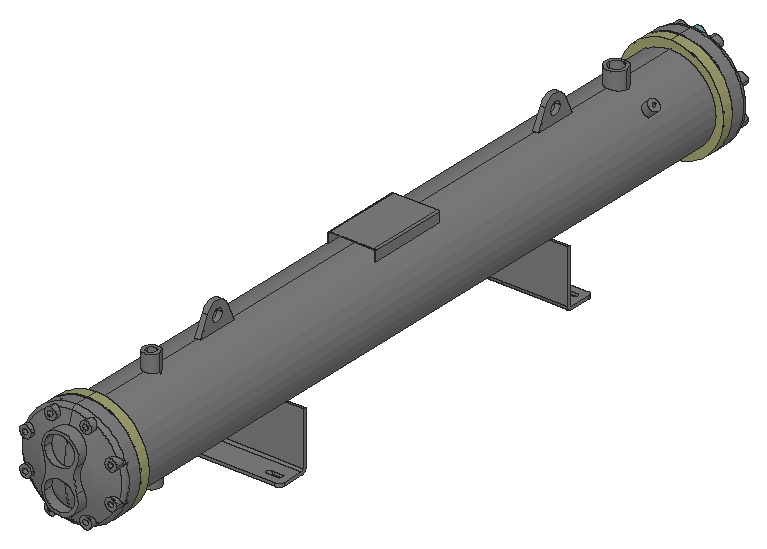
Revit family "MIT-BCM_130_4P", category Specialty Equipment, Revit 2022
Family settings
  Round Connector Dimension = Use Radius
  Part Type = Normal
  Work Plane-Based = No
  Always vertical = Yes
  Cut with Voids When Loaded = No
  Maintain Annotation Orientation = No
  Shared = No
  Room Calculation Point = No
Parameters
  URL = "https://en.ekinendustriyel.com/evaporators-and-condensers"
  Test Pressure = 64.35 bar
  Production Standard = "TS EN 13831"
  Operating Pressure = 45.0 bar
  Model = "MIT-BCM 130_4P"
  Manufacturer = "Ekin Endüstriyel"
  Keynote = "Condensers"
  Description = "MIT- Condensers"
  Default Elevation = 0 mm
Reference planes
  plane 1 "Center (Front/Back)": y = 0
  plane 2: z = 0
  plane 3 "Center (Left/Right)": x = 0
Forms (mm)
  Extrusion 1, solid, material "Ekin Endustriyel-S235JR"
    sketch origin (0, 0, 0) x (1, 0, 0) y (0, 0, 1)
      loop
        circle (0, 164.15) r 84.15
    from -677.708 to 682.368
  Extrusion 2, solid, material "Ekin Endustriyel-S235JR", detail levels fine
    sketch origin (0, 0, 0) x (1, 0, 0) y (0, 0, 1)
      loop
        line (-45, 235.88) -> (-44, 235.88) -> (-44, 252.88)
        arc (-44, 252.88) -> (-43.414, 254.294) -> (-42, 254.88) r 2
        line (-42, 254.88) -> (42, 254.88)
        arc (42, 254.88) -> (43.414, 254.294) -> (44, 252.88) r 2
        line (44, 252.88) -> (44, 235.88) -> (45, 235.88) -> (45, 252.88)
        arc (45, 252.88) -> (44.121, 255.002) -> (42, 255.88) r 3
        line (42, 255.88) -> (-42, 255.88)
        arc (-42, 255.88) -> (-44.121, 255.002) -> (-45, 252.88) r 3
        line (-45, 252.88) -> (-45, 235.88)
    from -72.707 to 77.293
  Extrusion 3, solid, material "Ekin Endustriyel-S235JR", detail levels fine
    sketch origin (0, 297.897, 0) x (1, 0, 0) y (0, 1, 0)
      loop
        circle (0.015, 249.81) r 20.25
      loop
        circle (0.015, 249.81) r 14.491
    from 278.3 to 204.31
  Extrusion 4, solid, material "Ekin Endustriyel-S235JR", detail levels fine
    sketch origin (0, -301.958, 0) x (1, 0, 0) y (0, 1, 0)
      loop
        circle (0.015, -250.334) r 15.25
      loop
        circle (0.015, -250.334) r 8.928
    from 278.3 to 211.07
  Extrusion 5, solid, material "Ekin Endustriyel-S235JR", detail levels fine
    sketch origin (71.72, 547.563, 235.87) x (0, 1, 0) y (-0.707107, 0, 0.707107)
      loop
        circle (0, 0) r 11
      loop
        circle (0, 0) r 4.216
    from 0 to -32.02
  Extrusion 6, solid, material "Ekin Endustriyel-S235JR", detail levels fine
    sketch origin (0, -302.583, 0) x (1, 0, 0) y (0, 1, 0)
      loop
        circle (0.015, -249.709) r 16.75
      loop
        circle (0.015, -249.709) r 13.335
    from 51.131 to 169.15
  Extrusion 7, solid, material "Ekin Endustriyel-AISI316L", detail levels medium+fine
    sketch origin (0, -352.034, 0) x (1, 0, 0) y (0, 0, 1)
      loop
        circle (0, 164.15) r 100
    from 330.334 to 350.334
  Extrusion 8, solid, material "Ekin Endustriyel-AISI316L", detail levels medium+fine
    sketch origin (0, 978.042, 0) x (1, 0, 0) y (0, 0, 1)
      loop
        circle (0, 164.15) r 100
    from 280.334 to 300.334
  Revolve 9, solid, material "Ekin Endustriyel-S235JR", detail levels medium+fine
    sketch origin (0, -352.034, 0) x (0, 1, 0) y (0, 0, 1)
      loop
        line (-352.334, 264.15) -> (-377.299, 264.15)
        arc (-377.299, 264.15) -> (-382.802, 262.5) -> (-386.489, 258.094) r 10
        arc (-386.489, 258.094) -> (-401.262, 212.101) -> (-407.122, 164.15) r 255.705
        line (-407.122, 164.15) -> (-352.334, 164.15) -> (-352.334, 264.15)
      axis (-352.334, 164.15) -> (-407.122, 164.15)
    angle from 0 to 360
  Revolve 10, solid, material "Ekin Endustriyel-S235JR", detail levels medium+fine
    sketch origin (0, 347.373, 0) x (0, -1, 0) y (0, 0, -1)
      loop
        line (-352.334, -264.15) -> (-352.334, -164.15) -> (-407.122, -164.15)
        arc (-407.122, -164.15) -> (-401.262, -212.101) -> (-386.489, -258.094) r 255.705
        arc (-386.489, -258.094) -> (-382.802, -262.5) -> (-377.299, -264.15) r 10
        line (-377.299, -264.15) -> (-352.334, -264.15)
      axis (-352.334, -164.15) -> (-407.122, -164.15)
    angle from 0 to 360
  Extrusion 11, solid, material "Ekin Endustriyel-S235JR", detail levels coarse
    sketch origin (0, 0, 0) x (1, 0, 0) y (0, 0, 1)
      loop
        circle (0, 164.159) r 99.991
    from -754.707 to 769.293
  Extrusion 12, solid, material "Ekin Endustriyel-S235JR"
    sketch origin (0, 173.042, 0) x (0, 1, 0) y (0, 0, 1)
      loop
        arc (134.666, 9) -> (137.302, 2.636) -> (143.666, 0) r 9
        line (143.666, 0) -> (194.666, 0) -> (194.666, 5) -> (143.666, 5)
        arc (143.666, 5) -> (140.837, 6.172) -> (139.666, 9) r 4
        line (139.666, 9) -> (139.666, 110) -> (134.666, 110) -> (134.666, 9)
    from -100 to 100
  Extrusion 13, void
    sketch origin (0, 367.707, 5) x (0, -1, 0) y (1, 0, 0)
      loop
        line (25.25, 63.5) -> (25.25, 83.5)
        arc (25.25, 83.5) -> (20, 88.75) -> (14.75, 83.5) r 5.25
        line (14.75, 83.5) -> (14.75, 63.5)
        arc (14.75, 63.5) -> (20, 58.25) -> (25.25, 63.5) r 5.25
      loop
        line (10, 100) -> (-10, 100) -> (-10, -100) -> (10, -100)
        arc (10, -100) -> (2.929, -97.071) -> (0, -90) r 10
        line (0, -90) -> (0, 90)
        arc (0, 90) -> (2.929, 97.071) -> (10, 100) r 10
      loop
        arc (14.75, -83.5) -> (20, -88.75) -> (25.25, -83.5) r 5.25
        line (25.25, -83.5) -> (25.25, -63.5)
        arc (25.25, -63.5) -> (20, -58.25) -> (14.75, -63.5) r 5.25
        line (14.75, -63.5) -> (14.75, -83.5)
    from -5 to 0
  Extrusion 14, solid, material "Ekin Endustriyel-S235JR"
    sketch origin (0, -177.627, 0) x (0, -1, 0) y (0, 0, -1)
      loop
        line (134.666, -9) -> (134.666, -110) -> (139.666, -110) -> (139.666, -9)
        arc (139.666, -9) -> (140.837, -6.172) -> (143.666, -5) r 4
        line (143.666, -5) -> (194.666, -5) -> (194.666, 0) -> (143.666, 0)
        arc (143.666, 0) -> (137.302, -2.636) -> (134.666, -9) r 9
    from -100 to 100
  Extrusion 15, void
    sketch origin (0, -372.293, 5) x (0, 1, 0) y (-1, 0, 0)
      loop
        arc (25.25, -63.5) -> (20, -58.25) -> (14.75, -63.5) r 5.25
        line (14.75, -63.5) -> (14.75, -83.5)
        arc (14.75, -83.5) -> (20, -88.75) -> (25.25, -83.5) r 5.25
        line (25.25, -83.5) -> (25.25, -63.5)
      loop
        arc (10, -100) -> (2.929, -97.071) -> (0, -90) r 10
        line (0, -90) -> (0, 90)
        arc (0, 90) -> (2.929, 97.071) -> (10, 100) r 10
        line (10, 100) -> (-10, 100) -> (-10, -100) -> (10, -100)
      loop
        line (14.75, 83.5) -> (14.75, 63.5)
        arc (14.75, 63.5) -> (20, 58.25) -> (25.25, 63.5) r 5.25
        line (25.25, 63.5) -> (25.25, 83.5)
        arc (25.25, 83.5) -> (20, 88.75) -> (14.75, 83.5) r 5.25
    from -5 to 0
  Extrusion 16, solid, material "Ekin Endustriyel-S235JR", detail levels medium+fine
    sketch origin (40, -352.034, 0) x (1, 0, 0) y (0, 0, 1)
      loop
        circle (-39.985, 201.65) r 28.5
      loop
        circle (-39.985, 126.65) r 28.5
      loop
        arc (-8.128, 185.875) -> (-37.187, 236.112) -> (-70.839, 188.829) r 34.5
        arc (-70.839, 188.829) -> (-65.102, 164.15) -> (-70.839, 139.471) r 55.945
        arc (-70.839, 139.471) -> (-38.81, 92.15) -> (-6.781, 139.471) r 34.5
        arc (-6.781, 139.471) -> (-12.495, 162.527) -> (-8.128, 185.875) r 55.945
    from 390.526 to 417.259
  Extrusion 17, solid, material "Ekin Endustriyel-Zinc", detail levels medium+fine
    sketch origin (0, 348.042, 0) x (1, 0, 0) y (0, 0, 1)
      loop
        circle (0, 246.649) r 12.497
      loop
        circle (0, 246.649) r 5.497
    from -396.666 to -367.889
  Extrusion 18, solid, material "Ekin Endustriyel-S235JR", detail levels medium+fine
    sketch origin (0, -352.034, 0) x (1, 0, 0) y (0, 0, -1)
      loop
        circle (-80.837, -197.64) r 11
      loop
        circle (-80.837, -197.64) r 5.497
      loop
        circle (-80.837, -130.66) r 11
      loop
        circle (-80.837, -130.66) r 5.497
      loop
        circle (80.837, -197.64) r 11
      loop
        circle (80.837, -197.64) r 5.497
      loop
        circle (80.837, -130.66) r 11
      loop
        circle (80.837, -130.66) r 5.497
      loop
        circle (33.49, -244.987) r 11
      loop
        circle (33.49, -244.987) r 5.497
      loop
        circle (-33.49, -244.987) r 11
      loop
        circle (-33.49, -244.987) r 5.497
      loop
        circle (33.49, -83.313) r 11
      loop
        circle (33.49, -83.313) r 5.497
      loop
        circle (-33.49, -83.313) r 11
      loop
        circle (-33.49, -83.313) r 5.497
    from -396.666 to -367.889
  Extrusion 19, solid, material "Ekin Endustriyel-S235JR", detail levels medium+fine
    sketch origin (0, 348.042, 0) x (1, 0, 0) y (0, 0, 1)
      loop
        circle (-35.355, 199.505) r 22
      loop
        circle (35.355, 128.795) r 22
    from -406.666 to -351.666
  Extrusion 20, solid, material "Ekin Endustriyel-S235JR", detail levels fine
    sketch origin (0, -0.334, 0) x (0, -1, 0) y (0, 0, -1)
      loop
        line (-438.042, -248.151) -> (-420.514, -284.106)
        arc (-420.514, -284.106) -> (-398.042, -298.151) -> (-375.57, -284.106) r 25
        line (-375.57, -284.106) -> (-358.042, -248.151) -> (-438.042, -248.151)
      loop
        circle (-398.042, -273.151) r 12.5
      loop
        line (441.958, -248.151) -> (361.958, -248.151) -> (379.486, -284.106)
        arc (379.486, -284.106) -> (401.958, -298.151) -> (424.43, -284.106) r 25
        line (424.43, -284.106) -> (441.958, -248.151)
      loop
        circle (401.958, -273.151) r 12.5
    from -5 to 5
  Extrusion 21, solid, material "Ekin Endustriyel-S235JR", detail levels medium+fine
    sketch origin (0, 348.042, 0) x (1, 0, 0) y (0, 0, 1)
      loop
        circle (-80.837, 197.64) r 11
      loop
        circle (-80.837, 197.64) r 5.497
      loop
        circle (-80.837, 130.66) r 11
      loop
        circle (-80.837, 130.66) r 5.497
      loop
        circle (80.837, 197.64) r 11
      loop
        circle (80.837, 197.64) r 5.497
      loop
        circle (80.837, 130.66) r 11
      loop
        circle (80.837, 130.66) r 5.497
      loop
        circle (33.49, 244.987) r 11
      loop
        circle (33.49, 244.987) r 5.497
      loop
        circle (-33.49, 244.987) r 11
      loop
        circle (-33.49, 244.987) r 5.497
      loop
        circle (33.49, 83.313) r 11
      loop
        circle (33.49, 83.313) r 5.497
      loop
        circle (-33.49, 83.313) r 11
      loop
        circle (-33.49, 83.313) r 5.497
      loop
        circle (0, 81.651) r 12.497
      loop
        circle (0, 81.651) r 5.497
    from -396.666 to -367.889
Cuts and joins
  Extrusion 13, Extrusion 15 cuts Extrusion 12
  Extrusion 15 cuts Extrusion 14
  joined: Extrusion 1, Extrusion 12, Extrusion 14
Dimensions and locks
  aligned and locked: level to plane 2
Connectors
  piping at (0.015, -769.293, 201.65), diameter 50.8
    settings: on Extrusion 16, index 1, connector inside diameter 609.6 mm, connector length 0 mm, flow factor 0, pipe flow 0.0 L/s, pressure drop 0.0 Pa, fitting loss kfactor 0, connector angle 0.00°, fixture units 0, engagement length 0 mm, angle of deflection 0.00°, flow configuration 0, flow direction 1, fitting loss method 0, system type 7, joint type 0, gender type 0, connector reference index -1, connector utility 0, adjustable connector no, is connector primary yes, connector description ""
  piping at (0.015, -769.293, 126.65), diameter 50.8
    settings: on Extrusion 16, index 2, connector inside diameter 609.6 mm, connector length 0 mm, flow factor 0, pipe flow 0.0 L/s, pressure drop 0.0 Pa, fitting loss kfactor 0, connector angle 0.00°, fixture units 0, engagement length 0 mm, angle of deflection 0.00°, flow configuration 0, flow direction 2, fitting loss method 0, system type 7, joint type 0, gender type 0, connector reference index -1, connector utility 0, adjustable connector no, is connector primary no, connector description ""
  hvac at (0.015, 547.707, 278.3)
    settings: on Extrusion 3, index 3, duct flow 0.0 L/s, flow factor 0, pres drop 0.0 bar, loss coef 0, conn angle 0.00°, conn width 304.8 mm, conn height 304.8 mm, conn diameter 35 mm, duct sys type 3, conn prof type 0, flow config 0, flow direction 0, loss method 0, conn ref index -1, conn util no, is conn primary yes, conn desc ""
  hvac at (0.015, -552.293, 51.131)
    settings: on Extrusion 6, index 4, duct flow 0.0 L/s, flow factor 0, pres drop 0.0 bar, loss coef 0, conn angle 0.00°, conn width 304.8 mm, conn height 304.8 mm, conn diameter 28 mm, duct sys type 3, conn prof type 0, flow config 0, flow direction 0, loss method 0, conn ref index -1, conn util no, is conn primary no, conn desc ""
